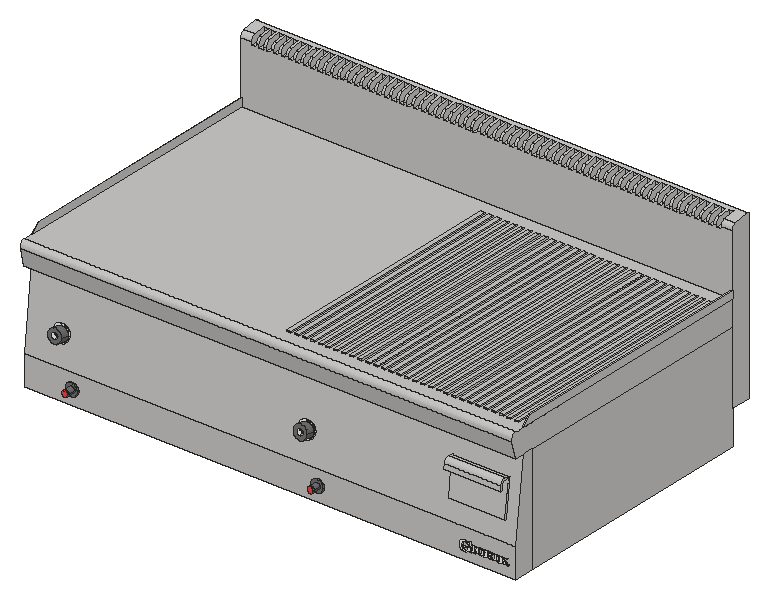
Revit family "QF_GIORIK_LGG6960", category Specialty Equipment, Revit 2014
Parameters (values of type "LGG6960")
  Weight in Pounds = 191.8019
  URL Cutsheet = "www.giorik.com"
  URL = "www.giorik.com"
  Status [instance] = ""
  Specification by User [instance] = ""
  Specification by Manufacturer = ""
  Show Logo [instance] = yes
  Show Clearance [instance] = yes
  Serial Number = ""
  Seismic Rating = ""
  SMACNA No = ""
  Revision Code [instance] = ""
  NAFEM Spec ID Number = ""
  Model = "LGG6960"
  Mechanical Remarks [instance] = "Natural Gas"
  Mechanical Connection Type [instance] = ""
  Masterspec = ""
  Manufacturer = "GIORIK"
  Item Number [instance] = ""
  Installed By [instance] = ""
  Identify Quantity as Lot [instance] = no
  Gas Size = 1"
  Gas RI Height [instance] = 0 mm
  Gas KW = 13.8
  Gas Input = 13800 W
  Gas Connection Height [instance] = 45 mm
  Furnished By [instance] = ""
  Foodservice Equipment Identifier [instance] = yes
  Description = "GRIDDLE SMOOTH RIBBED"
  CSI MasterFormat = ""
  Assembly Code = "E1090320"
Reference planes
  plane 1 "Back": y = 0
  plane 2: z = 0
  plane 3 "Left": x = 0
  plane 4 "Right": x = 1000
  plane 5 "Front": y = -600
  plane 6 "Top": z = 430
Forms (mm)
  Extrusion 1, solid
    sketch origin (0, 1000, -580) x (0, 1, 0) y (0, 0, 1)
      loop
        line (-1040.007, 869.975) -> (-1589.445, 869.975)
        arc (-1589.445, 869.975) -> (-1598.171, 865.672) -> (-1600.069, 856.13) r 10.999
        line (-1600.069, 856.13) -> (-1590.388, 820) -> (-1040.007, 820) -> (-1040.007, 869.975)
    from 0 to 1000
  Extrusion 2, solid
    sketch origin (0, 0, -560) x (0, 1, 0) y (0, 0, 1)
      loop
        line (-570.06, 849.975) -> (-40.007, 849.975) -> (-40.007, 865.387) -> (-554.648, 865.387) -> (-570.06, 849.975)
    from 0 to 1.85
  Extrusion 3, solid
    sketch origin (0, 0, -560) x (0, 1, 0) y (0, 0, 1)
      loop
        line (-40.007, 800) -> (-550, 800) -> (-550, 580) -> (-40.007, 580) -> (-40.007, 800)
    from 0 to 1000
  Extrusion 4, solid
    sketch origin (0, 0, -560) x (0, 1, 0) y (0, 0, 1)
      loop
        line (-550, 800) -> (-570.5, 800) -> (-590, 640) -> (-590, 580) -> (-550, 580) -> (-550, 800)
    from 0 to 1000
  Extrusion 5, solid
    sketch origin (998.094, 0, -560) x (0, 1, 0) y (0, 0, 1)
      loop
        line (-570.06, 849.975) -> (-40.007, 849.975) -> (-40.007, 865.387) -> (-554.648, 865.387) -> (-570.06, 849.975)
    from -0.15 to 1.906
  Extrusion 6, solid
    sketch origin (0, 0, -560) x (0, 1, 0) y (0, 0, 1)
      loop
        line (-40.007, 974.217) -> (-40.007, 650.827) -> (0, 650.827) -> (0, 988.42)
        arc (0, 988.42) -> (-0.57, 989.648) -> (-1.878, 990) r 1.6
        line (-1.878, 990) -> (-31.072, 984.852)
        arc (-31.072, 984.852) -> (-37.477, 981.162) -> (-40.007, 974.217) r 10.797
    from 0 to 1000
  Extrusion 7, solid
    sketch origin (103.819, 0, -561) x (1, 0, 0) y (0, 0, 1)
      loop
        circle (-38.319, 606) r 12.5
    from 20.007 to 40.007
  Extrusion 8, solid, visible <- "Show Logo"
    sketch origin (791.604, -590.296, -6.113) x (-1, 0, 0) y (0, 0, 1)
      loop
        line (-118.824, 58.358) -> (-127.804, 58.358) -> (-125.523, 56.445) -> (-125.523, 48.027) -> (-127.804, 46.113) -> (-118.824, 46.113) -> (-121.105, 48.027) -> (-121.105, 56.445) -> (-118.824, 58.358)
      loop
        line (-163.721, 58.358) -> (-172.7, 58.358) -> (-170.42, 56.445) -> (-170.42, 48.027) -> (-172.7, 46.113) -> (-163.721, 46.113) -> (-166.001, 48.027) -> (-166.001, 56.445) -> (-163.721, 58.358)
      loop
        line (-174.332, 58.358) -> (-183.312, 58.358) -> (-181.031, 56.445) -> (-181.031, 52.435) -> (-186.419, 56.955) -> (-184.416, 58.358) -> (-191.268, 58.358) -> (-188.01, 56.839) -> (-185.455, 54.283) -> (-190.846, 47.858) -> (-193.396, 46.93) -> (-193.396, 46.113) -> (-184.416, 46.113) -> (-185.437, 47.571) -> (-182.443, 51.552) -> (-181.031, 50.894) -> (-181.031, 48.027) -> (-183.312, 46.113) -> (-174.332, 46.113) -> (-176.613, 48.027) -> (-176.613, 56.445) -> (-174.332, 58.358)
      loop
        line (-115.429, 62.063) -> (-115.429, 54.198)
        arc (-115.429, 54.198) -> (-111.618, 57.803) -> (-106.847, 59.986) r 16.039
        arc (-106.847, 59.986) -> (-103.314, 59.837) -> (-100.512, 57.68) r 5.851
        arc (-100.512, 57.68) -> (-98.815, 52.267) -> (-100.512, 46.853) r 9.479
        arc (-100.512, 46.853) -> (-102.406, 44.986) -> (-104.846, 43.93) r 7.236
        arc (-104.846, 43.93) -> (-107.728, 44.111) -> (-110.052, 45.825) r 5.11
        line (-110.052, 45.825) -> (-110.052, 52.001) -> (-116.141, 52.001) -> (-116.141, 45.503) -> (-117.893, 43.751) -> (-114.094, 44.769)
        arc (-114.094, 44.769) -> (-112.56, 44.947) -> (-111.129, 44.366) r 3.115
        arc (-111.129, 44.366) -> (-104.216, 42.091) -> (-97.303, 44.366) r 11.641
        arc (-97.303, 44.366) -> (-93.396, 52.107) -> (-97.303, 59.849) r 9.622
        arc (-97.303, 59.849) -> (-104.369, 62.174) -> (-111.435, 59.849) r 11.898
        line (-111.435, 59.849) -> (-115.429, 62.063)
      loop
        arc (-129.234, 56.068) -> (-135.893, 58.628) -> (-142.552, 56.068) r 9.941
        arc (-142.552, 56.068) -> (-144.234, 52.286) -> (-142.552, 48.505) r 5.093
        arc (-142.552, 48.505) -> (-135.893, 45.945) -> (-129.234, 48.505) r 9.941
        arc (-129.234, 48.505) -> (-127.552, 52.286) -> (-129.234, 56.068) r 5.093
      loop
        arc (-132.628, 54.403) -> (-135.893, 57.668) -> (-139.158, 54.403) r 3.265
        line (-139.158, 54.403) -> (-139.158, 50.169)
        arc (-139.158, 50.169) -> (-135.893, 46.904) -> (-132.628, 50.169) r 3.265
        line (-132.628, 50.169) -> (-132.628, 54.403)
      loop
        arc (-156.363, 58.365) -> (-159.647, 55.081) -> (-156.363, 51.796) r 3.285
        line (-156.363, 51.796) -> (-159.529, 47.306) -> (-162.087, 46.113) -> (-155.847, 46.113) -> (-153.529, 51.083) -> (-150.637, 51.083) -> (-150.637, 47.784) -> (-153.022, 46.113) -> (-144.011, 46.113) -> (-146.094, 47.68) -> (-146.094, 56.493) -> (-144.229, 58.365) -> (-156.363, 58.365)
      loop
        line (-150.637, 57.512) -> (-153.637, 57.512)
        arc (-153.637, 57.512) -> (-156.237, 54.912) -> (-153.637, 52.312) r 2.6
        line (-153.637, 52.312) -> (-150.637, 52.312) -> (-150.637, 57.512)
      loop
        line (-108.924, 52.001) -> (-104.936, 49.005) -> (-100.948, 52.001) -> (-108.924, 52.001)
    from 1.5 to -0.5
  Extrusion 9, void
    sketch origin (7.5, 0, 430) x (0, 1, 0) y (-1, 0, 0)
      loop
        line (-40.007, -25) -> (-9.931, -25) -> (-9.931, -15) -> (-40.007, -15) -> (-40.007, -25)
      loop
        line (-40.007, -40) -> (-9.931, -40) -> (-9.931, -30) -> (-40.007, -30) -> (-40.007, -40)
      loop
        line (-40.007, -55) -> (-9.931, -55) -> (-9.931, -45) -> (-40.007, -45) -> (-40.007, -55)
      loop
        line (-40.007, -70) -> (-9.931, -70) -> (-9.931, -60) -> (-40.007, -60) -> (-40.007, -70)
      loop
        line (-40.007, -85) -> (-9.931, -85) -> (-9.931, -75) -> (-40.007, -75) -> (-40.007, -85)
      loop
        line (-40.007, -100) -> (-9.931, -100) -> (-9.931, -90) -> (-40.007, -90) -> (-40.007, -100)
      loop
        line (-40.007, -115) -> (-9.931, -115) -> (-9.931, -105) -> (-40.007, -105) -> (-40.007, -115)
      loop
        line (-40.007, -130) -> (-9.931, -130) -> (-9.931, -120) -> (-40.007, -120) -> (-40.007, -130)
      loop
        line (-40.007, -145) -> (-9.931, -145) -> (-9.931, -135) -> (-40.007, -135) -> (-40.007, -145)
      loop
        line (-40.007, -160) -> (-9.931, -160) -> (-9.931, -150) -> (-40.007, -150) -> (-40.007, -160)
      loop
        line (-40.007, -175) -> (-9.931, -175) -> (-9.931, -165) -> (-40.007, -165) -> (-40.007, -175)
      loop
        line (-40.007, -190) -> (-9.931, -190) -> (-9.931, -180) -> (-40.007, -180) -> (-40.007, -190)
      loop
        line (-40.007, -205) -> (-9.931, -205) -> (-9.931, -195) -> (-40.007, -195) -> (-40.007, -205)
      loop
        line (-40.007, -220) -> (-9.931, -220) -> (-9.931, -210) -> (-40.007, -210) -> (-40.007, -220)
      loop
        line (-40.007, -235) -> (-9.931, -235) -> (-9.931, -225) -> (-40.007, -225) -> (-40.007, -235)
      loop
        line (-40.007, -250) -> (-9.931, -250) -> (-9.931, -240) -> (-40.007, -240) -> (-40.007, -250)
      loop
        line (-40.007, -265) -> (-9.931, -265) -> (-9.931, -255) -> (-40.007, -255) -> (-40.007, -265)
      loop
        line (-40.007, -280) -> (-9.931, -280) -> (-9.931, -270) -> (-40.007, -270) -> (-40.007, -280)
      loop
        line (-40.007, -295) -> (-9.931, -295) -> (-9.931, -285) -> (-40.007, -285) -> (-40.007, -295)
      loop
        line (-40.007, -310) -> (-9.931, -310) -> (-9.931, -300) -> (-40.007, -300) -> (-40.007, -310)
      loop
        line (-40.007, -325) -> (-9.931, -325) -> (-9.931, -315) -> (-40.007, -315) -> (-40.007, -325)
      loop
        line (-40.007, -340) -> (-9.931, -340) -> (-9.931, -330) -> (-40.007, -330) -> (-40.007, -340)
      loop
        line (-40.007, -355) -> (-9.931, -355) -> (-9.931, -345) -> (-40.007, -345) -> (-40.007, -355)
      loop
        line (-40.007, -370) -> (-9.931, -370) -> (-9.931, -360) -> (-40.007, -360) -> (-40.007, -370)
      loop
        line (-40.007, -385) -> (-9.931, -385) -> (-9.931, -375) -> (-40.007, -375) -> (-40.007, -385)
      loop
        line (-40.007, -400) -> (-9.931, -400) -> (-9.931, -390) -> (-40.007, -390) -> (-40.007, -400)
      loop
        line (-40.007, -415) -> (-9.931, -415) -> (-9.931, -405) -> (-40.007, -405) -> (-40.007, -415)
      loop
        line (-40.007, -430) -> (-9.931, -430) -> (-9.931, -420) -> (-40.007, -420) -> (-40.007, -430)
      loop
        line (-40.007, -445) -> (-9.931, -445) -> (-9.931, -435) -> (-40.007, -435) -> (-40.007, -445)
      loop
        line (-40.007, -460) -> (-9.931, -460) -> (-9.931, -450) -> (-40.007, -450) -> (-40.007, -460)
      loop
        line (-40.007, -475) -> (-9.931, -475) -> (-9.931, -465) -> (-40.007, -465) -> (-40.007, -475)
      loop
        line (-40.007, -490) -> (-9.931, -490) -> (-9.931, -480) -> (-40.007, -480) -> (-40.007, -490)
      loop
        line (-40.007, -505) -> (-9.931, -505) -> (-9.931, -495) -> (-40.007, -495) -> (-40.007, -505)
      loop
        line (-40.007, -520) -> (-9.931, -520) -> (-9.931, -510) -> (-40.007, -510) -> (-40.007, -520)
      loop
        line (-40.007, -535) -> (-9.931, -535) -> (-9.931, -525) -> (-40.007, -525) -> (-40.007, -535)
      loop
        line (-40.007, -550) -> (-9.931, -550) -> (-9.931, -540) -> (-40.007, -540) -> (-40.007, -550)
      loop
        line (-40.007, -565) -> (-9.931, -565) -> (-9.931, -555) -> (-40.007, -555) -> (-40.007, -565)
      loop
        line (-40.007, -580) -> (-9.931, -580) -> (-9.931, -570) -> (-40.007, -570) -> (-40.007, -580)
      loop
        line (-40.007, -595) -> (-9.931, -595) -> (-9.931, -585) -> (-40.007, -585) -> (-40.007, -595)
      loop
        line (-40.007, -610) -> (-9.931, -610) -> (-9.931, -600) -> (-40.007, -600) -> (-40.007, -610)
      loop
        line (-40.007, -625) -> (-9.931, -625) -> (-9.931, -615) -> (-40.007, -615) -> (-40.007, -625)
      loop
        line (-40.007, -640) -> (-9.931, -640) -> (-9.931, -630) -> (-40.007, -630) -> (-40.007, -640)
      loop
        line (-40.007, -655) -> (-9.931, -655) -> (-9.931, -645) -> (-40.007, -645) -> (-40.007, -655)
      loop
        line (-40.007, -670) -> (-9.931, -670) -> (-9.931, -660) -> (-40.007, -660) -> (-40.007, -670)
      loop
        line (-40.007, -685) -> (-9.931, -685) -> (-9.931, -675) -> (-40.007, -675) -> (-40.007, -685)
      loop
        line (-40.007, -700) -> (-9.931, -700) -> (-9.931, -690) -> (-40.007, -690) -> (-40.007, -700)
      loop
        line (-40.007, -715) -> (-9.931, -715) -> (-9.931, -705) -> (-40.007, -705) -> (-40.007, -715)
      loop
        line (-40.007, -730) -> (-9.931, -730) -> (-9.931, -720) -> (-40.007, -720) -> (-40.007, -730)
      loop
        line (-40.007, -745) -> (-9.931, -745) -> (-9.931, -735) -> (-40.007, -735) -> (-40.007, -745)
      loop
        line (-40.007, -760) -> (-9.931, -760) -> (-9.931, -750) -> (-40.007, -750) -> (-40.007, -760)
      loop
        line (-40.007, -775) -> (-9.931, -775) -> (-9.931, -765) -> (-40.007, -765) -> (-40.007, -775)
      loop
        line (-40.007, -790) -> (-9.931, -790) -> (-9.931, -780) -> (-40.007, -780) -> (-40.007, -790)
      loop
        line (-40.007, -805) -> (-9.931, -805) -> (-9.931, -795) -> (-40.007, -795) -> (-40.007, -805)
      loop
        line (-40.007, -820) -> (-9.931, -820) -> (-9.931, -810) -> (-40.007, -810) -> (-40.007, -820)
      loop
        line (-40.007, -835) -> (-9.931, -835) -> (-9.931, -825) -> (-40.007, -825) -> (-40.007, -835)
      loop
        line (-40.007, -850) -> (-9.931, -850) -> (-9.931, -840) -> (-40.007, -840) -> (-40.007, -850)
      loop
        line (-40.007, -865) -> (-9.931, -865) -> (-9.931, -855) -> (-40.007, -855) -> (-40.007, -865)
      loop
        line (-40.007, -880) -> (-9.931, -880) -> (-9.931, -870) -> (-40.007, -870) -> (-40.007, -880)
      loop
        line (-40.007, -895) -> (-9.931, -895) -> (-9.931, -885) -> (-40.007, -885) -> (-40.007, -895)
      loop
        line (-40.007, -910) -> (-9.931, -910) -> (-9.931, -900) -> (-40.007, -900) -> (-40.007, -910)
      loop
        line (-40.007, -925) -> (-9.931, -925) -> (-9.931, -915) -> (-40.007, -915) -> (-40.007, -925)
      loop
        line (-40.007, -940) -> (-9.931, -940) -> (-9.931, -930) -> (-40.007, -930) -> (-40.007, -940)
      loop
        line (-40.007, -955) -> (-9.931, -955) -> (-9.931, -945) -> (-40.007, -945) -> (-40.007, -955)
      loop
        line (-40.007, -970) -> (-9.931, -970) -> (-9.931, -960) -> (-40.007, -960) -> (-40.007, -970)
    from 0 to -20
  Extrusion 10, solid
    sketch origin (566.603, 15.293, -30) x (0, 1, 0) y (-1, 0, 0)
      loop
        circle (-79.293, 516.603) r 5
    from 41.965 to 50
  Revolve 11, solid
    sketch origin (50, 19.943, -600) x (0, 1, 0) y (0, 0, 1)
      loop
        line (-83.943, 611.965) -> (-94.752, 611.965) -> (-97.943, 600) -> (-83.943, 600) -> (-83.943, 611.965)
      axis (-83.943, 611.965) -> (-83.943, 600)
    angle from 0 to 360
  Extrusion 12, solid
    sketch origin (433.397, 15.293, -30) x (0, 1, 0) y (-1, 0, 0)
      loop
        circle (-79.293, -516.603) r 5
    from 41.965 to 50
  Revolve 13, solid
    sketch origin (950, 19.943, -600) x (0, 1, 0) y (0, 0, -1)
      loop
        line (-83.943, -611.965) -> (-83.943, -600) -> (-97.943, -600) -> (-94.752, -611.965) -> (-83.943, -611.965)
      axis (-83.943, -611.965) -> (-83.943, -600)
    angle from 0 to 360
  Extrusion 14, solid
    sketch origin (566.603, -459.707, -30) x (0, 1, 0) y (-1, 0, 0)
      loop
        circle (-79.293, 516.603) r 5
    from 41.965 to 50
  Revolve 15, solid
    sketch origin (50, -455.057, -600) x (0, 1, 0) y (0, 0, 1)
      loop
        line (-83.943, 611.965) -> (-94.752, 611.965) -> (-97.943, 600) -> (-83.943, 600) -> (-83.943, 611.965)
      axis (-83.943, 611.965) -> (-83.943, 600)
    angle from 0 to 360
  Extrusion 16, solid
    sketch origin (433.397, -459.707, -30) x (0, 1, 0) y (-1, 0, 0)
      loop
        circle (-79.293, -516.603) r 5
    from 41.965 to 50
  Revolve 17, solid
    sketch origin (950, -455.057, -600) x (0, 1, 0) y (0, 0, -1)
      loop
        line (-83.943, -611.965) -> (-83.943, -600) -> (-97.943, -600) -> (-94.752, -611.965) -> (-83.943, -611.965)
      axis (-83.943, -611.965) -> (-83.943, -600)
    angle from 0 to 360
  Extrusion 18, solid
    sketch origin (722.5, -693.34, -437.283) x (0, 0.992655, -0.12098) y (0, 0.12098, 0.992655)
      loop
        line (40, 640.1) -> (30, 640.1)
        arc (30, 640.1) -> (22.929, 637.171) -> (20, 630.1) r 10
        line (20, 630.1) -> (20, 620.1) -> (22, 620.1) -> (22, 630.1)
        arc (22, 630.1) -> (24.343, 635.757) -> (30, 638.1) r 8
        line (30, 638.1) -> (38, 638.1) -> (38, 565.1) -> (40, 565.1) -> (40, 640.1)
    from 137.5 to 252.5
  Extrusion 19, solid
    sketch origin (70, -611.751, -98.474) x (1, 0, 0) y (0, 0.12098, 0.992655)
      loop
        circle (0, 240) r 17
    from 0 to 1.96
  Extrusion 20, solid
    sketch origin (70, -611.751, -98.474) x (1, 0, 0) y (0, 0.12098, 0.992655)
      loop
        circle (0, 240) r 14
    from 0 to 17.552
  Extrusion 21, solid
    sketch origin (569, -611.751, -98.474) x (1, 0, 0) y (0, 0.12098, 0.992655)
      loop
        circle (0, 240) r 14
    from 0 to 17.552
  Extrusion 22, solid
    sketch origin (0, -21.041, -69.599) x (1, 0, 0) y (0, 0.12098, 0.992655)
      loop
        circle (70, 139.874) r 5
    from 601.431 to 599.431
  Extrusion 23, solid
    sketch origin (569, -611.751, -98.474) x (1, 0, 0) y (0, 0.12098, 0.992655)
      loop
        circle (0, 240) r 17
    from 0 to 1.96
  Extrusion 24, solid
    sketch origin (499, -21.041, -69.599) x (1, 0, 0) y (0, 0.12098, 0.992655)
      loop
        circle (70, 139.874) r 5
    from 601.431 to 599.431
  Extrusion 25, solid
    sketch origin (58.798, -565.79, -661.695) x (1, 0, 0) y (0, 0.001091, 0.999999)
      loop
        circle (38.702, 711.666) r 12.5
    from 25 to 27
  Extrusion 26, solid
    sketch origin (-667.41, -592.797, -668.088) x (1, 0, 0) y (0, 0.001091, 0.999999)
      loop
        circle (764.91, 718.089) r 6
    from 0 to 15
  Extrusion 27, solid
    sketch origin (-667.41, -593.959, -668.087) x (1, 0, 0) y (0, 0.001091, 0.999999)
      loop
        circle (764.91, 718.089) r 6
    from 13.838 to 15.838
  Extrusion 28, solid
    sketch origin (558.074, -565.79, -661.695) x (1, 0, 0) y (0, 0.001091, 0.999999)
      loop
        circle (38.702, 711.666) r 12.5
    from 25 to 27
  Extrusion 29, solid
    sketch origin (-168.134, -592.797, -668.088) x (1, 0, 0) y (0, 0.001091, 0.999999)
      loop
        circle (764.91, 718.089) r 6
    from 0 to 15
  Extrusion 30, solid
    sketch origin (-168.134, -593.959, -668.087) x (1, 0, 0) y (0, 0.001091, 0.999999)
      loop
        circle (764.91, 718.089) r 6
    from 13.838 to 15.838
  Extrusion 31, solid
    sketch origin (240, 64.993, -573.525) x (1, 0, 0) y (0, 1, 0)
      loop
        line (272.5, -135) -> (272.5, -628.345) -> (280.5, -628.345) -> (280.5, -135) -> (272.5, -135)
      loop
        line (288.5, -135) -> (288.5, -628.345) -> (296.5, -628.345) -> (296.5, -135) -> (288.5, -135)
      loop
        line (304.5, -135) -> (304.5, -628.345) -> (312.5, -628.345) -> (312.5, -135) -> (304.5, -135)
      loop
        line (320.5, -135) -> (320.5, -628.345) -> (328.5, -628.345) -> (328.5, -135) -> (320.5, -135)
      loop
        line (336.5, -135) -> (336.5, -628.345) -> (344.5, -628.345) -> (344.5, -135) -> (336.5, -135)
      loop
        line (352.5, -135) -> (352.5, -628.345) -> (360.5, -628.345) -> (360.5, -135) -> (352.5, -135)
      loop
        line (368.5, -135) -> (368.5, -628.345) -> (376.5, -628.345) -> (376.5, -135) -> (368.5, -135)
      loop
        line (384.5, -135) -> (384.5, -628.345) -> (392.5, -628.345) -> (392.5, -135) -> (384.5, -135)
      loop
        line (400.5, -135) -> (400.5, -628.345) -> (408.5, -628.345) -> (408.5, -135) -> (400.5, -135)
      loop
        line (416.5, -135) -> (416.5, -628.345) -> (424.5, -628.345) -> (424.5, -135) -> (416.5, -135)
      loop
        line (432.5, -135) -> (432.5, -628.345) -> (440.5, -628.345) -> (440.5, -135) -> (432.5, -135)
      loop
        line (448.5, -135) -> (448.5, -628.345) -> (456.5, -628.345) -> (456.5, -135) -> (448.5, -135)
      loop
        line (464.5, -135) -> (464.5, -628.345) -> (472.5, -628.345) -> (472.5, -135) -> (464.5, -135)
      loop
        line (480.5, -135) -> (480.5, -628.345) -> (488.5, -628.345) -> (488.5, -135) -> (480.5, -135)
      loop
        line (496.5, -135) -> (496.5, -628.345) -> (504.5, -628.345) -> (504.5, -135) -> (496.5, -135)
      loop
        line (512.5, -135) -> (512.5, -628.345) -> (520.5, -628.345) -> (520.5, -135) -> (512.5, -135)
      loop
        line (528.5, -135) -> (528.5, -628.345) -> (536.5, -628.345) -> (536.5, -135) -> (528.5, -135)
      loop
        line (544.5, -135) -> (544.5, -628.345) -> (552.5, -628.345) -> (552.5, -135) -> (544.5, -135)
      loop
        line (560.5, -135) -> (560.5, -628.345) -> (568.5, -628.345) -> (568.5, -135) -> (560.5, -135)
      loop
        line (576.5, -135) -> (576.5, -628.345) -> (584.5, -628.345) -> (584.5, -135) -> (576.5, -135)
      loop
        line (592.5, -135) -> (592.5, -628.345) -> (600.5, -628.345) -> (600.5, -135) -> (592.5, -135)
      loop
        line (608.5, -135) -> (608.5, -628.345) -> (616.5, -628.345) -> (616.5, -135) -> (608.5, -135)
      loop
        line (624.5, -135) -> (624.5, -628.345) -> (632.5, -628.345) -> (632.5, -135) -> (624.5, -135)
      loop
        line (640.5, -135) -> (640.5, -628.345) -> (648.5, -628.345) -> (648.5, -135) -> (640.5, -135)
      loop
        line (656.5, -135) -> (656.5, -628.345) -> (664.5, -628.345) -> (664.5, -135) -> (656.5, -135)
      loop
        line (672.5, -135) -> (672.5, -628.345) -> (680.5, -628.345) -> (680.5, -135) -> (672.5, -135)
      loop
        line (688.5, -135) -> (688.5, -628.345) -> (696.5, -628.345) -> (696.5, -135) -> (688.5, -135)
      loop
        line (704.5, -135) -> (704.5, -628.345) -> (712.5, -628.345) -> (712.5, -135) -> (704.5, -135)
      loop
        line (720.5, -135) -> (720.5, -628.345) -> (728.5, -628.345) -> (728.5, -135) -> (720.5, -135)
      loop
        line (736.5, -135) -> (736.5, -628.345) -> (744.5, -628.345) -> (744.5, -135) -> (736.5, -135)
    from 863.5 to 865.5
Cuts and joins
  Extrusion 9 cuts Extrusion 6
Lines and regions (mm)
  symbolic lines, style "200-EquipBorder-2D"
    curve 1: line (1000, 0, 0) -> (0, 0, 0)
    curve 2: line (0, 0, 0) -> (0, -600, 0)
    curve 118: line (1000, -600, 430) -> (1000, 0, 430)
    curve 201: line (91.5, -609.014, 430) -> (91.5, -600, 430)
    curve 202: line (103.5, -609.014, 430) -> (91.5, -609.014, 430)
    curve 203: line (103.5, -609.014, 430) -> (103.5, -600, 430)
    curve 204: line (1000, -600, 430) -> (0, -600, 430)
    curve 205: line (602.775, -609.014, 430) -> (602.775, -600, 430)
    curve 206: line (590.775, -609.014, 430) -> (590.775, -600, 430)
    curve 207: line (590.775, -609.014, 430) -> (602.775, -609.014, 430)
  symbolic lines, style "200-EquipInternal-2D"
    curve 3: line (1000, -40.007, 430) -> (0, -40.007, 430)
    curve 4: line (997.944, -570.06, 430) -> (1000, -570.06, 430)
    curve 5: line (997.944, -40.007, 430) -> (997.944, -570.06, 430)
    curve 6: line (0, -570.06, 430) -> (1.85, -570.06, 430)
    curve 7: line (1.85, -570.06, 430) -> (1.85, -40.007, 430)
    curve 8: line (22.5, -9.931, 290) -> (22.5, -40.007, 290)
    curve 9: line (32.5, -40.007, 290) -> (32.5, -9.931, 290)
    curve 10: line (37.5, -9.931, 290) -> (37.5, -40.007, 290)
    curve 11: line (47.5, -40.007, 290) -> (47.5, -9.931, 290)
    curve 12: line (52.5, -9.931, 290) -> (52.5, -40.007, 290)
    curve 13: line (62.5, -40.007, 290) -> (62.5, -9.931, 290)
    curve 14: line (82.5, -9.931, 290) -> (82.5, -40.007, 290)
    curve 15: line (92.5, -40.007, 290) -> (92.5, -9.931, 290)
    curve 16: line (97.5, -9.931, 290) -> (97.5, -40.007, 290)
    curve 17: line (107.5, -40.007, 290) -> (107.5, -9.931, 290)
    curve 18: line (137.5, -40.007, 290) -> (137.5, -9.931, 290)
    curve 19: line (127.5, -9.931, 290) -> (127.5, -40.007, 290)
    curve 20: line (152.5, -40.007, 290) -> (152.5, -9.931, 290)
    curve 21: line (157.5, -9.931, 290) -> (157.5, -40.007, 290)
    curve 22: line (167.5, -40.007, 290) -> (167.5, -9.931, 290)
    curve 23: line (142.5, -9.931, 290) -> (142.5, -40.007, 290)
    curve 24: line (197.5, -40.007, 290) -> (197.5, -9.931, 290)
    curve 25: line (187.5, -9.931, 290) -> (187.5, -40.007, 290)
    curve 26: line (202.5, -9.931, 290) -> (202.5, -40.007, 290)
    curve 27: line (212.5, -40.007, 290) -> (212.5, -9.931, 290)
    curve 28: line (217.5, -9.931, 290) -> (217.5, -40.007, 290)
    curve 29: line (227.5, -40.007, 290) -> (227.5, -9.931, 290)
    curve 30: line (247.5, -9.931, 290) -> (247.5, -40.007, 290)
    curve 31: line (257.5, -40.007, 290) -> (257.5, -9.931, 290)
    curve 32: line (262.5, -9.931, 290) -> (262.5, -40.007, 290)
    curve 33: line (272.5, -40.007, 290) -> (272.5, -9.931, 290)
    curve 34: line (277.5, -9.931, 290) -> (277.5, -40.007, 290)
    curve 35: line (287.5, -40.007, 290) -> (287.5, -9.931, 290)
    curve 36: line (317.5, -40.007, 290) -> (317.5, -9.931, 290)
    curve 37: line (307.5, -9.931, 290) -> (307.5, -40.007, 290)
    curve 38: line (332.5, -40.007, 290) -> (332.5, -9.931, 290)
    curve 39: line (322.5, -9.931, 290) -> (322.5, -40.007, 290)
    curve 40: line (337.5, -9.931, 290) -> (337.5, -40.007, 290)
    curve 41: line (347.5, -40.007, 290) -> (347.5, -9.931, 290)
    curve 42: line (367.5, -9.931, 290) -> (367.5, -40.007, 290)
    curve 43: line (377.5, -40.007, 290) -> (377.5, -9.931, 290)
    curve 44: line (382.5, -9.931, 290) -> (382.5, -40.007, 290)
    curve 45: line (392.5, -9.931, 290) -> (382.5, -9.931, 290)
    curve 46: line (377.5, -9.931, 290) -> (367.5, -9.931, 290)
    curve 47: line (347.5, -9.931, 290) -> (337.5, -9.931, 290)
    curve 48: line (332.5, -9.931, 290) -> (322.5, -9.931, 290)
    curve 49: line (317.5, -9.931, 290) -> (307.5, -9.931, 290)
    curve 50: line (272.5, -9.931, 290) -> (262.5, -9.931, 290)
    curve 51: line (107.5, -9.931, 290) -> (97.5, -9.931, 290)
    curve 52: line (92.5, -9.931, 290) -> (82.5, -9.931, 290)
    curve 53: line (62.5, -9.931, 290) -> (52.5, -9.931, 290)
    curve 54: line (32.5, -9.931, 290) -> (22.5, -9.931, 290)
    curve 55: line (137.5, -9.931, 290) -> (127.5, -9.931, 290)
    curve 56: line (152.5, -9.931, 290) -> (142.5, -9.931, 290)
    curve 57: line (167.5, -9.931, 290) -> (157.5, -9.931, 290)
    curve 58: line (197.5, -9.931, 290) -> (187.5, -9.931, 290)
    curve 59: line (212.5, -9.931, 290) -> (202.5, -9.931, 290)
    curve 60: line (227.5, -9.931, 290) -> (217.5, -9.931, 290)
    curve 61: line (257.5, -9.931, 290) -> (247.5, -9.931, 290)
    curve 62: line (47.5, -9.931, 290) -> (37.5, -9.931, 290)
    curve 63: line (67.5, -9.931, 430) -> (67.5, -40.007, 430)
    curve 64: line (77.5, -40.007, 430) -> (77.5, -9.931, 430)
    curve 65: line (77.5, -9.931, 430) -> (67.5, -9.931, 430)
    curve 66: line (112.5, -9.931, 430) -> (112.5, -40.007, 430)
    curve 67: line (122.5, -40.007, 430) -> (122.5, -9.931, 430)
    curve 68: line (122.5, -9.931, 430) -> (112.5, -9.931, 430)
    curve 69: line (172.5, -9.931, 430) -> (172.5, -40.007, 430)
    curve 70: line (182.5, -40.007, 430) -> (182.5, -9.931, 430)
    curve 71: line (182.5, -9.931, 430) -> (172.5, -9.931, 430)
    curve 72: line (232.5, -9.931, 430) -> (232.5, -40.007, 430)
    curve 73: line (242.5, -40.007, 430) -> (242.5, -9.931, 430)
    curve 74: line (242.5, -9.931, 430) -> (232.5, -9.931, 430)
    curve 75: line (287.5, -9.931, 430) -> (277.5, -9.931, 430)
    curve 76: line (302.5, -9.931, 430) -> (292.5, -9.931, 430)
    curve 77: line (292.5, -9.931, 430) -> (292.5, -40.007, 430)
    curve 78: line (302.5, -40.007, 430) -> (302.5, -9.931, 430)
    curve 79: line (352.5, -9.931, 430) -> (352.5, -40.007, 430)
    curve 80: line (362.5, -40.007, 430) -> (362.5, -9.931, 430)
    curve 81: line (362.5, -9.931, 430) -> (352.5, -9.931, 430)
    curve 82: line (392.5, -40.007, 430) -> (392.5, -9.931, 430)
    curve 83: line (397.5, -9.931, 430) -> (397.5, -40.007, 430)
    curve 84: line (407.5, -40.007, 430) -> (407.5, -9.931, 430)
    curve 85: line (407.5, -9.931, 430) -> (397.5, -9.931, 430)
    curve 86: line (422.5, -9.931, 430) -> (412.5, -9.931, 430)
    curve 87: line (412.5, -9.931, 430) -> (412.5, -40.007, 430)
    curve 88: line (422.5, -40.007, 430) -> (422.5, -9.931, 430)
    curve 89: line (427.5, -9.931, 430) -> (427.5, -40.007, 430)
    curve 90: line (437.5, -40.007, 430) -> (437.5, -9.931, 430)
    curve 91: line (437.5, -9.931, 430) -> (427.5, -9.931, 430)
    curve 92: line (442.5, -9.931, 430) -> (442.5, -40.007, 430)
    curve 93: line (452.5, -40.007, 430) -> (452.5, -9.931, 430)
    curve 94: line (457.5, -9.931, 430) -> (457.5, -40.007, 430)
    curve 95: line (467.5, -40.007, 430) -> (467.5, -9.931, 430)
    curve 96: line (472.5, -9.931, 430) -> (472.5, -40.007, 430)
    curve 97: line (482.5, -40.007, 430) -> (482.5, -9.931, 430)
    curve 98: line (487.5, -9.931, 430) -> (487.5, -40.007, 430)
    curve 99: line (497.5, -40.007, 430) -> (497.5, -9.931, 430)
    curve 100: line (502.5, -9.931, 430) -> (502.5, -40.007, 430)
    curve 101: line (512.5, -40.007, 430) -> (512.5, -9.931, 430)
    curve 102: line (517.5, -9.931, 430) -> (517.5, -40.007, 430)
    curve 103: line (527.5, -40.007, 430) -> (527.5, -9.931, 430)
    curve 104: line (532.5, -9.931, 430) -> (532.5, -40.007, 430)
    curve 105: line (542.5, -40.007, 430) -> (542.5, -9.931, 430)
    curve 106: line (547.5, -9.931, 430) -> (547.5, -40.007, 430)
    curve 107: line (557.5, -40.007, 430) -> (557.5, -9.931, 430)
    curve 108: line (562.5, -9.931, 430) -> (562.5, -40.007, 430)
    curve 109: line (452.5, -9.931, 430) -> (442.5, -9.931, 430)
    curve 110: line (467.5, -9.931, 430) -> (457.5, -9.931, 430)
    curve 111: line (482.5, -9.931, 430) -> (472.5, -9.931, 430)
    curve 112: line (497.5, -9.931, 430) -> (487.5, -9.931, 430)
    curve 113: line (512.5, -9.931, 430) -> (502.5, -9.931, 430)
    curve 114: line (527.5, -9.931, 430) -> (517.5, -9.931, 430)
    curve 115: line (542.5, -9.931, 430) -> (532.5, -9.931, 430)
    curve 116: line (557.5, -9.931, 430) -> (547.5, -9.931, 430)
    curve 117: line (572.5, -9.931, 430) -> (562.5, -9.931, 430)
    curve 119: line (572.5, -40.007, 430) -> (572.5, -9.931, 430)
    curve 120: line (577.5, -9.931, 430) -> (577.5, -40.007, 430)
    curve 121: line (587.5, -9.931, 430) -> (577.5, -9.931, 430)
    curve 122: line (602.5, -9.931, 430) -> (592.5, -9.931, 430)
    curve 123: line (617.5, -9.931, 430) -> (607.5, -9.931, 430)
    curve 124: line (632.5, -9.931, 430) -> (622.5, -9.931, 430)
    curve 125: line (647.5, -9.931, 430) -> (637.5, -9.931, 430)
    curve 126: line (662.5, -40.007, 430) -> (662.5, -9.931, 430)
    curve 127: line (677.5, -9.931, 430) -> (667.5, -9.931, 430)
    curve 128: line (707.5, -9.931, 430) -> (697.5, -9.931, 430)
    curve 129: line (692.5, -9.931, 430) -> (682.5, -9.931, 430)
    curve 130: line (662.5, -9.931, 430) -> (652.5, -9.931, 430)
    curve 131: line (722.5, -9.931, 430) -> (712.5, -9.931, 430)
    curve 132: line (737.5, -9.931, 430) -> (727.5, -9.931, 430)
    curve 133: line (752.5, -9.931, 430) -> (742.5, -9.931, 430)
    curve 134: line (767.5, -9.931, 430) -> (757.5, -9.931, 430)
    curve 135: line (782.5, -40.007, 430) -> (782.5, -9.931, 430)
    curve 136: line (782.5, -9.931, 430) -> (772.5, -9.931, 430)
    curve 137: line (797.5, -9.931, 430) -> (787.5, -9.931, 430)
    curve 138: line (812.5, -9.931, 430) -> (802.5, -9.931, 430)
    curve 139: line (827.5, -9.931, 430) -> (817.5, -9.931, 430)
    curve 140: line (842.5, -9.931, 430) -> (832.5, -9.931, 430)
    curve 141: line (857.5, -9.931, 430) -> (847.5, -9.931, 430)
    curve 142: line (872.5, -9.931, 430) -> (862.5, -9.931, 430)
    curve 143: line (887.5, -9.931, 430) -> (877.5, -9.931, 430)
    curve 144: line (902.5, -9.931, 430) -> (892.5, -9.931, 430)
    curve 145: line (917.5, -9.931, 430) -> (907.5, -9.931, 430)
    curve 146: line (932.5, -9.931, 430) -> (922.5, -9.931, 430)
    curve 147: line (947.5, -40.007, 430) -> (947.5, -9.931, 430)
    curve 148: line (947.5, -9.931, 430) -> (937.5, -9.931, 430)
    curve 149: line (962.5, -9.931, 430) -> (952.5, -9.931, 430)
    curve 150: line (977.5, -9.931, 430) -> (967.5, -9.931, 430)
    curve 151: line (977.5, -40.007, 430) -> (977.5, -9.931, 430)
    curve 152: line (967.5, -9.931, 430) -> (967.5, -40.007, 430)
    curve 153: line (962.5, -40.007, 430) -> (962.5, -9.931, 430)
    curve 154: line (952.5, -9.931, 430) -> (952.5, -40.007, 430)
    curve 155: line (937.5, -9.931, 430) -> (937.5, -40.007, 430)
    curve 156: line (932.5, -40.007, 430) -> (932.5, -9.931, 430)
    curve 157: line (922.5, -9.931, 430) -> (922.5, -40.007, 430)
    curve 158: line (917.5, -40.007, 430) -> (917.5, -9.931, 430)
    curve 159: line (907.5, -9.931, 430) -> (907.5, -40.007, 430)
    curve 160: line (902.5, -40.007, 430) -> (902.5, -9.931, 430)
    curve 161: line (892.5, -9.931, 430) -> (892.5, -40.007, 430)
    curve 162: line (887.5, -40.007, 430) -> (887.5, -9.931, 430)
    curve 163: line (877.5, -9.931, 430) -> (877.5, -40.007, 430)
    curve 164: line (872.5, -40.007, 430) -> (872.5, -9.931, 430)
    curve 165: line (862.5, -9.931, 430) -> (862.5, -40.007, 430)
    curve 166: line (857.5, -40.007, 430) -> (857.5, -9.931, 430)
    curve 167: line (847.5, -9.931, 430) -> (847.5, -40.007, 430)
    curve 168: line (842.5, -40.007, 430) -> (842.5, -9.931, 430)
    curve 169: line (832.5, -9.931, 430) -> (832.5, -40.007, 430)
    curve 170: line (827.5, -40.007, 430) -> (827.5, -9.931, 430)
    curve 171: line (817.5, -9.931, 430) -> (817.5, -40.007, 430)
    curve 172: line (812.5, -40.007, 430) -> (812.5, -9.931, 430)
    curve 173: line (802.5, -9.931, 430) -> (802.5, -40.007, 430)
    curve 174: line (797.5, -40.007, 430) -> (797.5, -9.931, 430)
    curve 175: line (787.5, -9.931, 430) -> (787.5, -40.007, 430)
    curve 176: line (772.5, -9.931, 430) -> (772.5, -40.007, 430)
    curve 177: line (767.5, -40.007, 430) -> (767.5, -9.931, 430)
    curve 178: line (757.5, -9.931, 430) -> (757.5, -40.007, 430)
    curve 179: line (752.5, -40.007, 430) -> (752.5, -9.931, 430)
    curve 180: line (742.5, -9.931, 430) -> (742.5, -40.007, 430)
    curve 181: line (737.5, -40.007, 430) -> (737.5, -9.931, 430)
    curve 182: line (727.5, -9.931, 430) -> (727.5, -40.007, 430)
    curve 183: line (722.5, -40.007, 430) -> (722.5, -9.931, 430)
    curve 184: line (712.5, -9.931, 430) -> (712.5, -40.007, 430)
    curve 185: line (707.5, -40.007, 430) -> (707.5, -9.931, 430)
    curve 186: line (697.5, -9.931, 430) -> (697.5, -40.007, 430)
    curve 187: line (692.5, -40.007, 430) -> (692.5, -9.931, 430)
    curve 188: line (682.5, -9.931, 430) -> (682.5, -40.007, 430)
    curve 189: line (677.5, -40.007, 430) -> (677.5, -9.931, 430)
    curve 190: line (667.5, -9.931, 430) -> (667.5, -40.007, 430)
    curve 191: line (652.5, -9.931, 430) -> (652.5, -40.007, 430)
    curve 192: line (647.5, -40.007, 430) -> (647.5, -9.931, 430)
    curve 193: line (637.5, -9.931, 430) -> (637.5, -40.007, 430)
    curve 194: line (632.5, -40.007, 430) -> (632.5, -9.931, 430)
    curve 195: line (622.5, -9.931, 430) -> (622.5, -40.007, 430)
    curve 196: line (617.5, -40.007, 430) -> (617.5, -9.931, 430)
    curve 197: line (607.5, -9.931, 430) -> (607.5, -40.007, 430)
    curve 198: line (602.5, -40.007, 430) -> (602.5, -9.931, 430)
    curve 199: line (592.5, -9.931, 430) -> (592.5, -40.007, 430)
    curve 200: line (587.5, -40.007, 430) -> (587.5, -9.931, 430)
    curve 208: line (528.5, -70.007, 290) -> (528.5, -563.352, 290)
    curve 209: line (520.5, -563.352, 290) -> (520.5, -70.007, 290)
    curve 210: line (512.5, -70.007, 290) -> (512.5, -563.352, 290)
    curve 211: line (520.5, -70.007, 290) -> (512.5, -70.007, 290)
    curve 212: line (536.5, -70.007, 290) -> (528.5, -70.007, 290)
    curve 213: line (520.5, -563.352, 290) -> (512.5, -563.352, 290)
    curve 214: line (536.5, -563.352, 430) -> (536.5, -70.007, 430)
    curve 215: line (528.5, -563.352, 430) -> (536.5, -563.352, 430)
    curve 216: line (544.5, -70.007, 430) -> (544.5, -563.352, 430)
    curve 217: line (552.5, -563.352, 430) -> (552.5, -70.007, 430)
    curve 218: line (560.5, -70.007, 430) -> (560.5, -563.352, 430)
    curve 219: line (568.5, -563.352, 430) -> (568.5, -70.007, 430)
    curve 220: line (576.5, -70.007, 430) -> (576.5, -563.352, 430)
    curve 221: line (584.5, -563.352, 430) -> (584.5, -70.007, 430)
    curve 222: line (592.5, -70.007, 430) -> (592.5, -563.352, 430)
    curve 223: line (600.5, -563.352, 430) -> (600.5, -70.007, 430)
    curve 224: line (616.5, -563.352, 430) -> (616.5, -70.007, 430)
    curve 225: line (608.5, -70.007, 430) -> (608.5, -563.352, 430)
    curve 226: line (624.5, -70.007, 430) -> (624.5, -563.352, 430)
    curve 227: line (632.5, -563.352, 430) -> (632.5, -70.007, 430)
    curve 228: line (640.5, -70.007, 430) -> (640.5, -563.352, 430)
    curve 229: line (648.5, -563.352, 430) -> (648.5, -70.007, 430)
    curve 230: line (664.5, -563.352, 430) -> (664.5, -70.007, 430)
    curve 231: line (656.5, -70.007, 430) -> (656.5, -563.352, 430)
    curve 232: line (672.5, -70.007, 430) -> (672.5, -563.352, 430)
    curve 233: line (680.5, -563.352, 430) -> (680.5, -70.007, 430)
    curve 234: line (688.5, -70.007, 430) -> (688.5, -563.352, 430)
    curve 235: line (696.5, -563.352, 430) -> (696.5, -70.007, 430)
    curve 236: line (704.5, -70.007, 430) -> (704.5, -563.352, 430)
    curve 237: line (712.5, -563.352, 430) -> (712.5, -70.007, 430)
    curve 238: line (720.5, -70.007, 430) -> (720.5, -563.352, 430)
    curve 239: line (728.5, -563.352, 430) -> (728.5, -70.007, 430)
    curve 240: line (736.5, -70.007, 430) -> (736.5, -563.352, 430)
    curve 241: line (744.5, -563.352, 430) -> (744.5, -70.007, 430)
    curve 242: line (752.5, -70.007, 430) -> (752.5, -563.352, 430)
    curve 243: line (760.5, -563.352, 430) -> (760.5, -70.007, 430)
    curve 244: line (736.5, -563.352, 430) -> (744.5, -563.352, 430)
    curve 245: line (720.5, -563.352, 430) -> (728.5, -563.352, 430)
    curve 246: line (704.5, -563.352, 430) -> (712.5, -563.352, 430)
    curve 247: line (688.5, -563.352, 430) -> (696.5, -563.352, 430)
    curve 248: line (672.5, -563.352, 430) -> (680.5, -563.352, 430)
    curve 249: line (656.5, -563.352, 430) -> (664.5, -563.352, 430)
    curve 250: line (640.5, -563.352, 430) -> (648.5, -563.352, 430)
    curve 251: line (624.5, -563.352, 430) -> (632.5, -563.352, 430)
    curve 252: line (608.5, -563.352, 430) -> (616.5, -563.352, 430)
    curve 253: line (592.5, -563.352, 430) -> (600.5, -563.352, 430)
    curve 254: line (576.5, -563.352, 430) -> (584.5, -563.352, 430)
    curve 255: line (560.5, -563.352, 430) -> (568.5, -563.352, 430)
    curve 256: line (544.5, -563.352, 430) -> (552.5, -563.352, 430)
    curve 257: line (752.5, -563.352, 430) -> (760.5, -563.352, 430)
    curve 258: line (784.5, -563.352, 430) -> (792.5, -563.352, 430)
    curve 259: line (784.5, -70.007, 430) -> (784.5, -563.352, 430)
    curve 260: line (776.5, -563.352, 430) -> (776.5, -70.007, 430)
    curve 261: line (768.5, -70.007, 430) -> (768.5, -563.352, 430)
    curve 262: line (768.5, -563.352, 430) -> (776.5, -563.352, 430)
    curve 263: line (792.5, -70.007, 430) -> (784.5, -70.007, 430)
    curve 264: line (776.5, -70.007, 430) -> (768.5, -70.007, 430)
    curve 265: line (760.5, -70.007, 430) -> (752.5, -70.007, 430)
    curve 266: line (744.5, -70.007, 430) -> (736.5, -70.007, 430)
    curve 267: line (728.5, -70.007, 430) -> (720.5, -70.007, 430)
    curve 268: line (712.5, -70.007, 430) -> (704.5, -70.007, 430)
    curve 269: line (696.5, -70.007, 430) -> (688.5, -70.007, 430)
    curve 270: line (680.5, -70.007, 430) -> (672.5, -70.007, 430)
    curve 271: line (664.5, -70.007, 430) -> (656.5, -70.007, 430)
    curve 272: line (648.5, -70.007, 430) -> (640.5, -70.007, 430)
    curve 273: line (632.5, -70.007, 430) -> (624.5, -70.007, 430)
    curve 274: line (616.5, -70.007, 430) -> (608.5, -70.007, 430)
    curve 275: line (600.5, -70.007, 430) -> (592.5, -70.007, 430)
    curve 276: line (584.5, -70.007, 430) -> (576.5, -70.007, 430)
    curve 277: line (568.5, -70.007, 430) -> (560.5, -70.007, 430)
    curve 278: line (552.5, -70.007, 430) -> (544.5, -70.007, 430)
    curve 279: line (792.5, -563.352, 430) -> (792.5, -70.007, 430)
    curve 280: line (800.5, -70.007, 430) -> (800.5, -563.352, 430)
    curve 281: line (808.5, -563.352, 430) -> (808.5, -70.007, 430)
    curve 282: line (816.5, -70.007, 430) -> (816.5, -563.352, 430)
    curve 283: line (824.5, -563.352, 430) -> (824.5, -70.007, 430)
    curve 284: line (832.5, -70.007, 430) -> (832.5, -563.352, 430)
    curve 285: line (840.5, -563.352, 430) -> (840.5, -70.007, 430)
    curve 286: line (856.5, -563.352, 430) -> (856.5, -70.007, 430)
    curve 287: line (848.5, -70.007, 430) -> (848.5, -563.352, 430)
    curve 288: line (864.5, -70.007, 430) -> (864.5, -563.352, 430)
    curve 289: line (872.5, -563.352, 430) -> (872.5, -70.007, 430)
    curve 290: line (880.5, -70.007, 430) -> (880.5, -563.352, 430)
    curve 291: line (888.5, -563.352, 430) -> (888.5, -70.007, 430)
    curve 292: line (896.5, -70.007, 430) -> (896.5, -563.352, 430)
    curve 293: line (904.5, -563.352, 430) -> (904.5, -70.007, 430)
    curve 294: line (912.5, -70.007, 430) -> (912.5, -563.352, 430)
    curve 295: line (920.5, -563.352, 430) -> (920.5, -70.007, 430)
    curve 296: line (928.5, -70.007, 430) -> (928.5, -563.352, 430)
    curve 297: line (936.5, -563.352, 430) -> (936.5, -70.007, 430)
    curve 298: line (944.5, -70.007, 430) -> (944.5, -563.352, 430)
    curve 299: line (952.5, -563.352, 430) -> (952.5, -70.007, 430)
    curve 300: line (960.5, -70.007, 430) -> (960.5, -563.352, 430)
    curve 301: line (968.5, -563.352, 430) -> (968.5, -70.007, 430)
    curve 302: line (976.5, -70.007, 430) -> (976.5, -563.352, 430)
    curve 303: line (984.5, -563.352, 430) -> (984.5, -70.007, 430)
    curve 304: line (808.5, -70.007, 430) -> (800.5, -70.007, 430)
    curve 305: line (824.5, -70.007, 430) -> (816.5, -70.007, 430)
    curve 306: line (840.5, -70.007, 430) -> (832.5, -70.007, 430)
    curve 307: line (856.5, -70.007, 430) -> (848.5, -70.007, 430)
    curve 308: line (872.5, -70.007, 430) -> (864.5, -70.007, 430)
    curve 309: line (888.5, -70.007, 430) -> (880.5, -70.007, 430)
    curve 310: line (904.5, -70.007, 430) -> (896.5, -70.007, 430)
    curve 311: line (920.5, -70.007, 430) -> (912.5, -70.007, 430)
    curve 312: line (936.5, -70.007, 430) -> (928.5, -70.007, 430)
    curve 313: line (952.5, -70.007, 430) -> (944.5, -70.007, 430)
    curve 314: line (968.5, -70.007, 430) -> (960.5, -70.007, 430)
    curve 315: line (984.5, -70.007, 430) -> (976.5, -70.007, 430)
    curve 316: line (800.5, -563.352, 430) -> (808.5, -563.352, 430)
    curve 317: line (816.5, -563.352, 430) -> (824.5, -563.352, 430)
    curve 318: line (832.5, -563.352, 430) -> (840.5, -563.352, 430)
    curve 319: line (848.5, -563.352, 430) -> (856.5, -563.352, 430)
    curve 320: line (864.5, -563.352, 430) -> (872.5, -563.352, 430)
    curve 321: line (880.5, -563.352, 430) -> (888.5, -563.352, 430)
    curve 322: line (896.5, -563.352, 430) -> (904.5, -563.352, 430)
    curve 323: line (912.5, -563.352, 430) -> (920.5, -563.352, 430)
    curve 324: line (928.5, -563.352, 430) -> (936.5, -563.352, 430)
    curve 325: line (944.5, -563.352, 430) -> (952.5, -563.352, 430)
    curve 326: line (960.5, -563.352, 430) -> (968.5, -563.352, 430)
    curve 327: line (976.5, -563.352, 430) -> (984.5, -563.352, 430)
Dimensions and locks
  plane 3 "Left" to plane 4 "Right" = 1000 mm
  plane 5 "Front" to plane 1 "Back" = 600 mm
  plane 4 "Right" to plane 3 "Left" = 1000 mm
  plane 1 "Back" to plane 5 "Front" = 600 mm
  plane 6 "Top" to level = 430 mm  (x2)
  aligned and locked: level to plane 2
Connectors
  piping at (65.5, -20.007, 45), diameter 25.4, driven by "Gas Size"
    settings: on Extrusion 7, index 1, connector inside diameter 24", connector length 0 mm, flow factor 0, pipe flow 0.0 L/s, pressure drop 0.0 Pa, fitting loss kfactor 0, connector angle 0.00°, fixture units 0, engagement length 0 mm, angle of deflection 0.00°, flow configuration 1, flow direction 1, fitting loss method 0, system type 22, joint type 0, gender type 0, connector reference index -1, connector utility 0, adjustable connector no, is connector primary yes, connector description "Gas Inlet"
